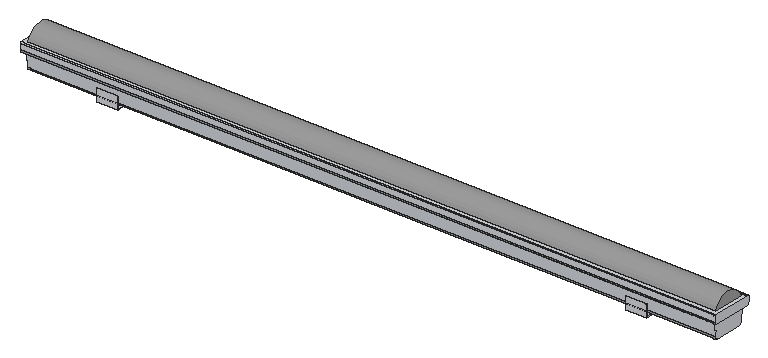
Revit family "0010282", category Lighting Fixtures, host Face, Revit 2017
Family settings
  Host = Face
  Round Connector Dimension = Use Diameter
  Part Type = Normal
  OmniClass Number = 23.80.70.00
  OmniClass Title = Lighting
  Cut with Voids When Loaded = No
  Light Source = Yes
  Shared = No
  Room Calculation Point = No
Parameters (values of type "0010282 RESISTO 1500 HE IP66 DALI 4000LM 840 EM")
  Weight = "kg"
  Wattage Comments = ""
  Wattage = 29 W
  WarrantyStartDate [instance] = "n/a"
  WarrantyGuarantorParts = "n/a"
  WarrantyDurationUnit = "n/a"
  WarrantyDurationParts = "n/a"
  WarrantyDescription = "n/a"
  WIDTH_SYL = 44.5 mm
  built-in parameter 1150110 = 1 (stored number, unit not read)
  Voltage = 0 V
  URL = "http://www.sylvania-lighting.com"
  TypeName = "Resisto 1500 HE IP66 DALI 4000LM 840 EM"
  Type Image = <None>
  Type Comments = "n/a"
  built-in parameter 1114217 = 1 (stored number, unit not read)
  Tilt Angle = -90.00°
  built-in parameter 1150109 = 1 (stored number, unit not read)
  built-in parameter 1150134 = 12
  TOP_WIDTH_SYL = 33.5 mm
  built-in parameter 1150113 = 1 (stored number, unit not read)
  SerialNumber [instance] = "n/a"
  Photometric Web File = "0010282.ies"
  Material_3_SYL = none
  PowerFactor = 0.98
  PowerConsumption = "29 W"
  NominalLength = 1500 mm
  NominalHeight = 80 mm
  NominalDepth = 87 mm
  Name = "Resisto 1500 HE IP66 DALI 4000LM 840 EM"
  ModelReference = Name  # "Resisto 1500 HE IP66 DALI 4000LM 840 EM"
  ModelNumber = "0010282"
  Model = Name  # "Resisto 1500 HE IP66 DALI 4000LM 840 EM"
  Material = "pc polycarbonate housing, pc polycarbonate diffuser"
  ManufacturerName = "Feilo Sylvania"
  Manufacturer = "Feilo Sylvania"
  MID_WIDTH_SYL = 36 mm
  LuminousEfficacy = "138 lm/W"
  built-in parameter 1150105 = 1287 (stored number, unit not read)
  Lumens = 4002 lm
  LuminaireType = ""
  built-in parameter 1150115 = 1 (stored number, unit not read)
  LightOutputRatio = "n/a"
  built-in parameter 1150137 = (empty or 0)
  built-in parameter 1150139 = (empty or 0)
  LampsType = Lamp  # "LED"
  LampNominalLuminous = "4000 lm"
  LampMacAdamStep = "3"
  LampColourTemperature = "4000 K"
  LampColourRenderingIndex = "80"
  built-in parameter 1150112 = 1 (stored number, unit not read)
  built-in parameter 1150114 = 1 (stored number, unit not read)
  Lamp = "LED"
  LENGHT_SYL = if(L1500_SYL, 742 mm, if(L1200_SYL, 592 mm, 317 mm))  # 742 mm
  LENGHT_CHAMFER_SYL = if(L1500_SYL, 750 mm, if(L1200_SYL, 600 mm, 325 mm))  # 750 mm
  LENGHT_650_SYL = 325 mm
  LENGHT-_SYL = if(L1500_SYL, -742 mm, if(L1200_SYL, -592 mm, -317 mm))  # -742 mm
  LENGHT-_CHAMFER_SYL = if(L1500_SYL, -750 mm, if(L1200_SYL, -600 mm, -325 mm))  # -750 mm
  LEGHT_650-_SYL = -325 mm
  LEGHT_1500_SYL = 750 mm
  LEGHT_1500-_SYL = -750 mm
  LEGHT_1200_SYL = 600 mm
  LEGHT_1200-_SYL = -600 mm
  L0650_SYL = no
  L1500_SYL = yes
  L1200_SYL = no
  Keynote = "16500"
  InstallationDate [instance] = "n/a"
  InputVoltage = "n/a"
  InputNominalFrequency = "n/a"
  built-in parameter 1150132 = (empty or 0)
  built-in parameter 1150102 = (empty or 0)
  built-in parameter 1150107 = 4000 (stored number, unit not read)
  built-in parameter 1150138 = (empty or 0)
  IngressProtection = "IP66"
  ImpactProtectionIndex = "IK08"
  built-in parameter 1150106 = 12.87 (stored number, unit not read)
  IfcExportType = "IfcLightFixtureType"
  IfcExportAs = "IfcLightFixtureType"
  Emit from Circle Diameter = 609.6 mm
  Emit Shape Visible in Rendering = no
  ElectricShockClassification = "Class I"
  built-in parameter 1150104 = 12.821 (stored number, unit not read)
  DocumentationLiterature = "http://www.sylvania-lighting.com/product/en-int/products/0010282"
  DimmingControlOptions = "n/a"
  Material_2_SYL = none
  Dimming Lamp Color Temperature Shift = <None>
  Description = "Resisto, integrated LED weatherproof luminaire, with UV stabilized flat diffuser designed to achieve uniform lit appearance, optimise light output and to reduce glare. 301 stainless steel diffuser clips and fixing brackets for surface mounting. Polycarbonate housing and diffuser - no yellow discolouration over time. 4000lm; 29W; 138lm/W; 4000K; SDCM<3; DALI dimmable; CRI80; IP66; IK08; Class I; 69,000hrs (L80B20) lifespan; 1500mm x 89mm x 88mm; D-mark; 3-hour maintained emergency batteries."
  Default Elevation = 1219.2 mm
  DIF_WIDHT_SYL = 35 mm
  DIF_HEIGHT_SYL = 24 mm
  CreatedOn = "6/10/2021"
  CreatedBy = "@sylvania-lighting.com"
  Cost = 0
  Color Filter = 16777215
  built-in parameter 1114216 [instance] = (empty or 0)
  ClassificationValue = "EF_70_80"
  ClassificationName = "Uniclass2015"
  Material_1_SYL = Default
  CHAMFER_SYL = 19 mm
  BarCode [instance] = "n/a"
  built-in parameter 1114218 = 1 (stored number, unit not read)
  BRACKET_WIDTH_SYL = BRACKET_DIST_SYL - 44 mm  # 550 mm
  BRACKET_HEIGHT_SYL = 9 mm
  BRACKET_DIST_SYL = LENGHT_CHAMFER_SYL - 156 mm  # 594 mm
  BODY_SYL = 36 mm
  built-in parameter 1150133 = 10 (stored number, unit not read)
  AssetType = "Fixed"
  AssetIdentifier [instance] = "n/a"
  Assembly Code = "D5020200"
  Apparent Load = 29 VA
  Material_4_SYL = none
Types (4, lengths in mm): name | Wattage | TypeName | Photometric Web File | PowerFactor | PowerConsumption | NominalLength | Name | ModelReference | ModelNumber | Model | LuminousEfficacy | built-in parameter 1150105 | Lumens | LampNominalLuminous | LENGHT_SYL | LENGHT_CHAMFER_SYL | LENGHT-_SYL | LENGHT-_CHAMFER_SYL | L1500_SYL | L1200_SYL | built-in parameter 1150106 | built-in parameter 1150104 | DocumentationLiterature | Description | BRACKET_WIDTH_SYL | BRACKET_DIST_SYL | Apparent Load
  0010283 RESISTO 1500 HE IP66 DALI 7100LM 840 EM | 50 W | "Resisto 1500 HE IP66 DALI 7100LM 840 EM" | "0010283.ies" | 0.98 | "50 W" | 1500 | "Resisto 1500 HE IP66 DALI 7100LM 840 EM" | "Resisto 1500 HE IP66 DALI 7100LM 840 EM" | "0010283" | "Resisto 1500 HE IP66 DALI 7100LM 840 EM" | "142 lm/W" | 2367.5 (stored number, unit not read) | 7100 lm | "7100 lm" | 742 | 750 | -742 | -750 | yes | no | 23.675 (stored number, unit not read) | 13.192 (stored number, unit not read) | "http://www.sylvania-lighting.com/product/en-int/products/0010283" | "Resisto, integrated LED weatherproof luminaire, with UV stabilized flat diffuser designed to achieve uniform lit appearance, optimise light output and to reduce glare. 301 stainless steel diffuser clips and fixing brackets for surface mounting. Polycarbonate housing and diffuser - no yellow discolouration over time. 7100lm; 50W; 142lm/W; 4000K; SDCM<3; DALI dimmable; CRI80; IP66; IK08; Class I; 69,000hrs (L80B20) lifespan; 1500mm x 89mm x 88mm; D-mark; 3-hour maintained emergency batteries." | 550 | 594 | 50 VA
  0010282 RESISTO 1500 HE IP66 DALI 4000LM 840 EM | 29 W | "Resisto 1500 HE IP66 DALI 4000LM 840 EM" | "0010282.ies" | 0.98 | "29 W" | 1500 | "Resisto 1500 HE IP66 DALI 4000LM 840 EM" | "Resisto 1500 HE IP66 DALI 4000LM 840 EM" | "0010282" | "Resisto 1500 HE IP66 DALI 4000LM 840 EM" | "138 lm/W" | 1287 (stored number, unit not read) | 4002 lm | "4000 lm" | 742 | 750 | -742 | -750 | yes | no | 12.87 (stored number, unit not read) | 12.821 (stored number, unit not read) | "http://www.sylvania-lighting.com/product/en-int/products/0010282" | "Resisto, integrated LED weatherproof luminaire, with UV stabilized flat diffuser designed to achieve uniform lit appearance, optimise light output and to reduce glare. 301 stainless steel diffuser clips and fixing brackets for surface mounting. Polycarbonate housing and diffuser - no yellow discolouration over time. 4000lm; 29W; 138lm/W; 4000K; SDCM<3; DALI dimmable; CRI80; IP66; IK08; Class I; 69,000hrs (L80B20) lifespan; 1500mm x 89mm x 88mm; D-mark; 3-hour maintained emergency batteries." | 550 | 594 | 29 VA
  0010281 RESISTO 1200 HE IP66 DALI 4800LM 840 EM | 35 W | "Resisto 1200 HE IP66 DALI 4800LM 840 EM" | "0010281.ies" | 0.98 | "35 W" | 1200 | "Resisto 1200 HE IP66 DALI 4800LM 840 EM" | "Resisto 1200 HE IP66 DALI 4800LM 840 EM" | "0010281" | "Resisto 1200 HE IP66 DALI 4800LM 840 EM" | "137 lm/W" | 1583.6 (stored number, unit not read) | 4795 lm | "4800 lm" | 592 | 600 | -592 | -600 | no | yes | 15.836 (stored number, unit not read) | 12.728 (stored number, unit not read) | "http://www.sylvania-lighting.com/product/en-int/products/0010281" | "Resisto, integrated LED weatherproof luminaire, with UV stabilized flat diffuser designed to achieve uniform lit appearance, optimise light output and to reduce glare. 301 stainless steel diffuser clips and fixing brackets for surface mounting. Polycarbonate housing and diffuser - no yellow discolouration over time. 4800lm; 35W; 137lm/W; 4000K; SDCM<3; DALI dimmable; CRI80; IP66; IK08; Class I; 69,000hrs (L80B20) lifespan; 1200mm x 89mm x 88mm; D-mark; 3-hour maintained emergency batteries." | 400 | 444 | 35 VA
  0010280 RESISTO 1200 HE IP66 DALI 2800LM 840 EM | 22 W | "Resisto 1200 HE IP66 DALI 2800LM 840 EM" | "0010280.ies" | 1 | "22 W" | 1200 | "Resisto 1200 HE IP66 DALI 2800LM 840 EM" | "Resisto 1200 HE IP66 DALI 2800LM 840 EM" | "0010280" | "Resisto 1200 HE IP66 DALI 2800LM 840 EM" | "127 lm/W" | 918.28 (stored number, unit not read) | 2794 lm | "2800 lm" | 592 | 600 | -592 | -600 | no | yes | 9.1828 (stored number, unit not read) | 11.799 (stored number, unit not read) | "http://www.sylvania-lighting.com/product/en-int/products/0010280" | "Resisto, integrated LED weatherproof luminaire, with UV stabilized flat diffuser designed to achieve uniform lit appearance, optimise light output and to reduce glare. 301 stainless steel diffuser clips and fixing brackets for surface mounting. Polycarbonate housing and diffuser - no yellow discolouration over time. 2800lm; 22W; 127lm/W; 4000K; SDCM<3; DALI dimmable; CRI80; IP66; IK08; Class I; 69,000hrs (L80B20) lifespan; 1200mm x 89mm x 88mm; D-mark; 3-hour maintained emergency batteries." | 400 | 444 | 22 VA
Reference planes
  plane 1 "Center (Front/Back)": y = 0
  plane 2: z = 0
  plane 3 "Center (Left/Right)": x = 0
  plane 4: z = 9
  plane 5: z = 45
  plane 6: z = 64
  plane 7: z = 88
  plane 8: y = -44.5
  plane 9: y = 44.5
  plane 10: y = -35
  plane 11: y = 35
  plane 12: y = 33.5
  plane 13: y = -33.5
  plane 14: y = -36
  plane 15: y = 36
  plane 16: z = 1
Forms (mm)
  Extrusion 1, solid
    sketch origin (319, 1524, 1219.2) x (0, 1, 0) y (0, 0, 1)
      loop
        line (-1552.835, -1210.2) -> (-1495.165, -1210.2)
        arc (-1495.165, -1210.2) -> (-1491.754, -1208.856) -> (-1490.177, -1205.546) r 5
        line (-1490.177, -1205.546) -> (-1488.323, -1178.854) -> (-1488, -1174.2) -> (-1560, -1174.2) -> (-1559.677, -1178.854) -> (-1557.823, -1205.546)
        arc (-1557.823, -1205.546) -> (-1556.246, -1208.856) -> (-1552.835, -1210.2) r 5
    from -742 <- "LENGHT-_SYL" to 742 <- "LENGHT_SYL"
  Extrusion 2, solid, material "Default" <- "Material_1_SYL"
    sketch origin (319, 1524, 1219.2) x (0, 1, 0) y (0, 0, 1)
      loop
        arc (-1490.5, -1155.2) -> (-1524, -1131.2) -> (-1557.5, -1155.2) r 35.38
        line (-1557.5, -1155.2) -> (-1490.5, -1155.2)
    from -742 <- "LENGHT-_SYL" to 742 <- "LENGHT_SYL"
  Extrusion 3, solid
    sketch origin (319, 1524, 1219.2) x (0, 1, 0) y (0, 0, 1)
      loop
        line (-1481.5, -1155.2) -> (-1566.5, -1155.2)
        arc (-1566.5, -1155.2) -> (-1567.914, -1155.786) -> (-1568.5, -1157.2) r 2
        line (-1568.5, -1157.2) -> (-1568.5, -1169.2)
        arc (-1568.5, -1169.2) -> (-1567.036, -1172.736) -> (-1563.5, -1174.2) r 5
        line (-1563.5, -1174.2) -> (-1484.5, -1174.2)
        arc (-1484.5, -1174.2) -> (-1480.964, -1172.736) -> (-1479.5, -1169.2) r 5
        line (-1479.5, -1169.2) -> (-1479.5, -1157.2)
        arc (-1479.5, -1157.2) -> (-1480.086, -1155.786) -> (-1481.5, -1155.2) r 2
    from -750 <- "LENGHT-_CHAMFER_SYL" to 750 <- "LENGHT_CHAMFER_SYL"
  Extrusion 4, solid
    sketch origin (319, 1524, 1219.2) x (0, 1, 0) y (0, 0, 1)
      loop
        line (-1489, -1219.2) -> (-1489, -1192.216) -> (-1490.5, -1192.216) -> (-1490.5, -1218.2) -> (-1557.5, -1218.2) -> (-1557.5, -1192.172) -> (-1559, -1192.172) -> (-1559, -1219.2) -> (-1489, -1219.2)
    from 550 <- "BRACKET_WIDTH_SYL" to 594 <- "BRACKET_DIST_SYL"
  Extrusion 5, solid
    sketch origin (321, 1524, 1219.2) x (0, 1, 0) y (0, 0, -1)
      loop
        line (-1489, 1219.2) -> (-1559, 1219.2) -> (-1559, 1192.172) -> (-1557.5, 1192.172) -> (-1557.5, 1218.2) -> (-1490.5, 1218.2) -> (-1490.5, 1192.216) -> (-1489, 1192.216) -> (-1489, 1219.2)
    from 550 <- "BRACKET_WIDTH_SYL" to 594 <- "BRACKET_DIST_SYL"
Dimensions and locks
  "BRACKET_HEIGHT_SYL": plane 4 to host face
  "BODY_SYL": plane 4 to plane 5
  "CHAMFER_SYL": plane 5 to plane 6
  "DIF_HEIGHT_SYL": plane 6 to plane 7
  "WIDTH_SYL": plane 9 to plane 1 "Center (Front/Back)" to plane 8
  "DIF_WIDHT_SYL": plane 11 to plane 1 "Center (Front/Back)" to plane 10
  "TOP_WIDTH_SYL": plane 12 to plane 1 "Center (Front/Back)" to plane 13
  "MID_WIDTH_SYL": plane 15 to plane 1 "Center (Front/Back)" to plane 14
  aligned and locked: plane 2 to host face
  aligned and locked: level to host face
  aligned and locked: Extrusion 3 sketch curve to plane 6
  aligned and locked: Extrusion 3 sketch curve to plane 9
  aligned and locked: plane 5 to Extrusion 3 sketch curve
  aligned and locked: plane 8 to Extrusion 3 sketch curve
Automatic sketch dimensions
  host sketch curve to host sketch curve = 2438.4 mm  (x2)
  plane 5 to Extrusion 1 sketch curve = 0 mm
  Extrusion 1 sketch curve to plane 14 = 0 mm
  plane 4 to Extrusion 1 sketch curve = 0 mm
  Extrusion 1 sketch curve to plane 15 = 0 mm
  Extrusion 1 sketch curve to plane 14 = 0.323 mm
  plane 13 to Extrusion 1 sketch curve = 0.323 mm
  Extrusion 1 sketch curve to plane 13 = 4.665 mm
  plane 12 to Extrusion 1 sketch curve = 4.665 mm
  Extrusion 1 sketch curve to plane 12 = 0.323 mm
  plane 15 to Extrusion 1 sketch curve = 0.323 mm
  Extrusion 1 sketch curve to plane 4 = 4.654 mm  (x2)
  plane 5 to Extrusion 1 sketch curve = 4.654 mm  (x2)
  plane 6 to Extrusion 2 sketch curve = 0 mm
  Extrusion 2 sketch curve to plane 13 = 0 mm
  Extrusion 2 sketch curve to plane 1 "Center (Front/Back)" = 0 mm
  Extrusion 2 sketch curve to plane 5 = 7.62 mm
  Extrusion 3 sketch curve to plane 8 = 2 mm
  plane 14 to Extrusion 3 sketch curve = 3.5 mm
  Extrusion 3 sketch curve to plane 15 = 3.5 mm
  plane 6 to Extrusion 3 sketch curve = 2 mm
  Extrusion 4 sketch curve to level = 0 mm
  Extrusion 4 sketch curve to plane 10 = 0 mm
  Extrusion 4 sketch curve to plane 13 = 0 mm
  Extrusion 4 sketch curve to plane 12 = 0 mm
  Extrusion 4 sketch curve to plane 11 = 0 mm
  plane 16 to Extrusion 4 sketch curve = 0 mm
  Extrusion 4 sketch curve to plane 4 = 17.984 mm
  plane 5 to Extrusion 4 sketch curve = 17.972 mm
  Extrusion 5 sketch curve to level = 0 mm
  Extrusion 5 sketch curve to plane 10 = 0 mm
  Extrusion 5 sketch curve to plane 13 = 0 mm
  Extrusion 5 sketch curve to plane 12 = 0 mm
  Extrusion 5 sketch curve to plane 11 = 0 mm
  plane 16 to Extrusion 5 sketch curve = 0 mm
  Extrusion 5 sketch curve to plane 4 = 17.984 mm
  plane 5 to Extrusion 5 sketch curve = 17.972 mm
Connectors
  electrical at (-423, 0, 27)
    settings: on Extrusion 1, index 1, voltage 0 V, apparent load 0 VA, apparent load phase1 0 VA, apparent load phase2 0 VA, apparent load phase3 0 VA, power factor 1, load classification "Other", number of poles 1, system type 31, power factor state 1, is connector primary yes, connector utility no, sub classification motor no, connector description ""
